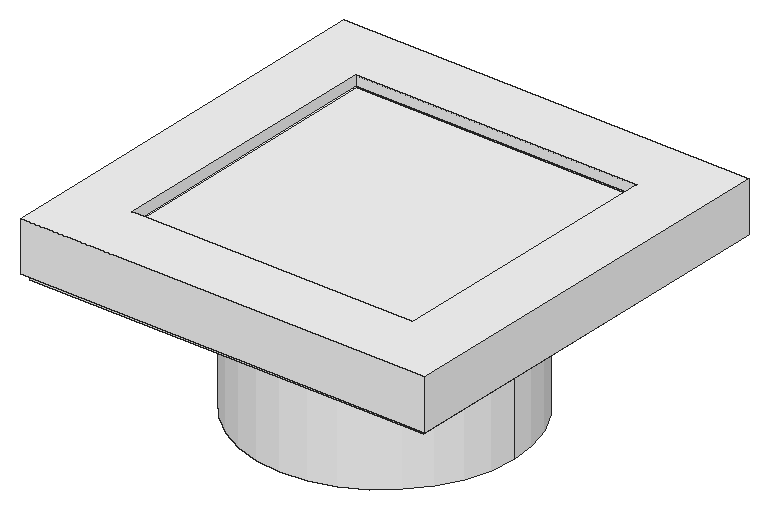
Revit family "Gira_2832600", category Electrical Fixtures, host Face, Revit 2017
Family settings
  Host = Face
  Maintain Annotation Orientation = Yes
  Round Connector Dimension = Use Diameter
  Part Type = Normal
  Cut with Voids When Loaded = No
  Shared = No
  Room Calculation Point = No
Parameters (values of type "Rocker sw. BS 3-g off/2-way System 55 stainl.steel(lac.)")
  With mounting plate = "No"
  Wiring system = "Two-way switch"
  White [instance] = White
  Washing machine switch = "No"
  URL = "http://katalog.gira.de/en/datenblatt.html?artikelnr=2832600"
  Type of fastening = "Mounting with claw and screw"
  Surface protection = "Other"
  Suitable for degree of protection (IP) = "IP20"
  Rated current = "10"
  Push button switch = "No"
  Number of rockers = "3"
  Number of modules (module system) = "1"
  Nominal voltage = "250"
  Name = "Rocker sw. BS 3-g off/2-way System 55 stainl.steel(lac.)"
  Mounting method = "Flush mounted (plaster)"
  Model = "Sys55_Komplettgerät_Schalten und Tasten"
  Method of operation = "Rocker/button"
  Material quality = "Other"
  Material = "Other"
  Manufacturer URL = "https://www.gira.de/"
  Manufacturer = "Gira"
  Label space/information surface = "No"
  Illumination = "No"
  HeinzeBIM = "https://bimportal.heinze.de/bim/rocker-sw-bs-3-g-off-2-way-system-55-stainl-steel-lac-/dc9721c8d1866dace942d34dc2529ec19d9c90f4"
  Halogen free = "Yes"
  HAN = "2832600"
  GTIN = "4010337022053"
  Feedback-signal contact = "No"
  Description = "Rock.sw.BS 3g off 2-w Sys55 SSTl,British Standard rocker switch (BS EN 60669-1) 3-gang with rockers,System 55, Support ring 71 x 71 mm, universal off 2-way switch,stainless steel (lacquered),Features:,- With screw terminals.,,Notes :,- For screw mounting only."
  Default Elevation = 1219.2 mm
  Data sheet (1) = "https://katalog.gira.de/en/download.html?artikelnr=2832600"
  Connection type = "Screwed terminal"
  Colour = "Stainless steel"
  Category = "Switch"
  BIM (1) = "https://media.stage.bim.site/public/gira/36a6b08/Sys55_Komplettgerät_Schalten und Tasten.rfa?public/gira/36a6b08/Sys55_Komplettgerät_Schalten und Tasten.rfa"
  Available = "No"
  Assembly arrangement = "Basic element with adapter plate"
Reference planes
  plane 1 "Center (Front/Back)": y = 0
  plane 2: z = 0
  plane 3 "Center (Left/Right)": x = 0
Forms (mm)
  Extrusion 1, solid, material "White" <- "White", detail levels medium
    sketch origin (0, 0, 0) x (1, 0, 0) y (0, 1, 0)
      loop
        line (-40.4, 40.4) -> (-40.4, -40.4) -> (40.4, -40.4) -> (40.4, 40.4) -> (-40.4, 40.4)
      loop
        line (-28, 28) -> (-28, -28) -> (28, -28) -> (28, 28) -> (-28, 28)
    from 0 to 10
  Extrusion 2, solid, material "White" <- "White", detail levels fine
    sketch origin (0, 0, 0) x (1, 0, 0) y (0, 1, 0)
      loop
        line (-40.4, 40.4) -> (-40.4, -40.4) -> (40.4, -40.4) -> (40.4, 40.4) -> (-40.4, 40.4)
      loop
        line (-28, 28) -> (-28, -28) -> (28, -28) -> (28, 28) -> (-28, 28)
    from 0 to 10
  Extrusion 3, void
    sketch origin (0, 0, 0) x (1, 0, 0) y (0, 1, 0)
      loop
        line (-38.4, 38.4) -> (-38.4, -38.4) -> (38.4, -38.4) -> (38.4, 38.4) -> (-38.4, 38.4)
    from 0 to 8
  Extrusion 4, solid, material "White" <- "White", detail levels medium+fine
    sketch origin (0, 0, 0) x (1, 0, 0) y (0, 1, 0)
      loop
        line (-39.4, 39.4) -> (-39.4, -39.4) -> (39.4, -39.4) -> (39.4, 39.4) -> (-39.4, 39.4)
    from 0 to -1
  Extrusion 5, solid, material "White" <- "White", detail levels medium+fine
    sketch origin (0, 0, 0) x (1, 0, 0) y (0, 1, 0)
      loop
        line (-35.5, 35.5) -> (-35.5, -35.5) -> (35.5, -35.5) -> (35.5, 35.5) -> (-35.5, 35.5)
    from -2 to -3
  Extrusion 6, solid, material "White" <- "White", detail levels medium+fine
    sketch origin (0, 0, 0) x (1, 0, 0) y (0, 1, 0)
      loop
        circle (0, 0) r 26
    from 0 to -27.5
  Extrusion 7, solid, material "White" <- "White", detail levels coarse
    sketch origin (0, 0, 0) x (1, 0, 0) y (0, 1, 0)
      loop
        line (-40.4, 40.4) -> (-40.4, -40.4) -> (40.4, -40.4) -> (40.4, 40.4) -> (-40.4, 40.4)
    from -27.5 to 10
Cuts and joins
  Extrusion 3 cuts Extrusion 2
Dimensions and locks
  aligned and locked: plane 2 to host face
  aligned and locked: level to host face
  aligned and locked: plane 3 "Center (Left/Right)" to nested 2
  aligned and locked: plane 1 "Center (Front/Back)" to nested 2
Nested families
  nested 1: "Sys55_Abdeckung_Schalten und Tasten_floor_base" at (0, 0, 0), type "Sys55_Abdeckung_Schalten und Tasten_floor_base"
  nested 2: "Schalter" at (0, 0, 0), type "Schalter"
Connectors
  electrical at (0, 0, -27.5)
    settings: on Extrusion 6, index 1, voltage 220 V, apparent load 0 VA, apparent load phase1 0 VA, apparent load phase2 0 VA, apparent load phase3 0 VA, power factor 1, load classification "Other", number of poles 1, system type 30, power factor state 1, is connector primary yes, connector utility no, sub classification motor no, connector description ""
Definition of nested family "Sys55_Abdeckung_Schalten und Tasten_floor_base"
  Parameters
    Default Elevation = 1219.2 mm
    White [instance] = none
  Reference planes
    plane 1 "Center (Front/Back)": y = 0
    plane 2: z = 0
    plane 3 "Center (Left/Right)": x = 0
  Forms (mm)
    Extrusion 1, solid
      sketch origin (0, 0, 0) x (1, 0, 0) y (0, 1, 0)
        loop
          line (-1219.2, 1219.2) -> (-1219.2, -1219.2) -> (1219.2, -1219.2) -> (1219.2, 1219.2) -> (-1219.2, 1219.2)
      from 0 to -304.8
    Extrusion 2, solid, material <- "White", detail levels fine
      sketch origin (0, 0, 0) x (1, 0, 0) y (0, 1, 0)
        loop
          line (-27.5, 27.5) -> (-27.5, -27.5) -> (27.5, -27.5) -> (27.5, 27.5) -> (-27.5, 27.5)
      from 0 to 8
    Extrusion 3, void
      sketch origin (0, 0, 0) x (1, 0, 0) y (0, 1, 0)
        loop
          line (26, 26) -> (-26, 26) -> (-26, -26) -> (26, -26) -> (26, 26)
      from 0 to 6
    Extrusion 4, solid, material <- "White", detail levels medium
      sketch origin (0, 0, 0) x (1, 0, 0) y (0, 1, 0)
        loop
          line (-27.5, 27.5) -> (-27.5, -27.5) -> (27.5, -27.5) -> (27.5, 27.5) -> (-27.5, 27.5)
      from 0 to 8
    Extrusion 5, solid, material <- "White", detail levels medium
      sketch origin (0, 0, 0) x (1, 0, 0) y (0, 1, 0)
        loop
          line (11, -17.5) -> (11, 17.5) -> (-11, 17.5) -> (-11, -17.5) -> (11, -17.5)
      from -6 to 6
    Extrusion 6, solid, material <- "White", detail levels fine
      sketch origin (0, 0, 0) x (1, 0, 0) y (0, 1, 0)
        loop
          line (11, 17.5) -> (-11, 17.5) -> (-11, 16.5) -> (11, 16.5) -> (11, 17.5)
        loop
          line (-11, -16.5) -> (-11, -17.5) -> (11, -17.5) -> (11, -16.5) -> (-11, -16.5)
      from -4 to 6
    Extrusion 7, solid, material <- "White", detail levels fine
      sketch origin (0, 0, 0) x (1, 0, 0) y (0, 1, 0)
        loop
          arc (5, 9.347) -> (0, 10.6) -> (-5, 9.347) r 10.6
          line (-5, 9.347) -> (-5, -9.347)
          arc (-5, -9.347) -> (0, -10.6) -> (5, -9.347) r 10.6
          line (5, -9.347) -> (5, 9.347)
      from -6 to 6
    Extrusion 8, solid, material <- "White", detail levels coarse
      sketch origin (0, 0, 0) x (1, 0, 0) y (0, 1, 0)
        loop
          line (-27.5, 27.5) -> (-27.5, -27.5) -> (27.5, -27.5) -> (27.5, 27.5) -> (-27.5, 27.5)
      from -6 to 8
  Cuts and joins
    Extrusion 3 cuts Extrusion 2
  Dimensions and locks
    aligned and locked: plane 2 to Extrusion 1
    aligned and locked: level to Extrusion 1
Definition of nested family "Schalter"
  Reference planes
    plane 1: y = 0
    plane 2: x = 0
  Lines and regions (mm)
    detail lines
      curve 1: circle (1.375, 2.778, 0) r 0.8 normal (0, 0, 1)
      curve 2: line (1.021, 2.061, 0) -> (0, 0, 0)
      curve 3: line (0, 0, 0) -> (-0.538, 0.266, 0)
  Dimensions and locks
    curve 2 to curve 2 = 2.3 mm
    curve 3 to curve 2 = 0.6 mm
    radius of curve 1 = 0.8 mm
